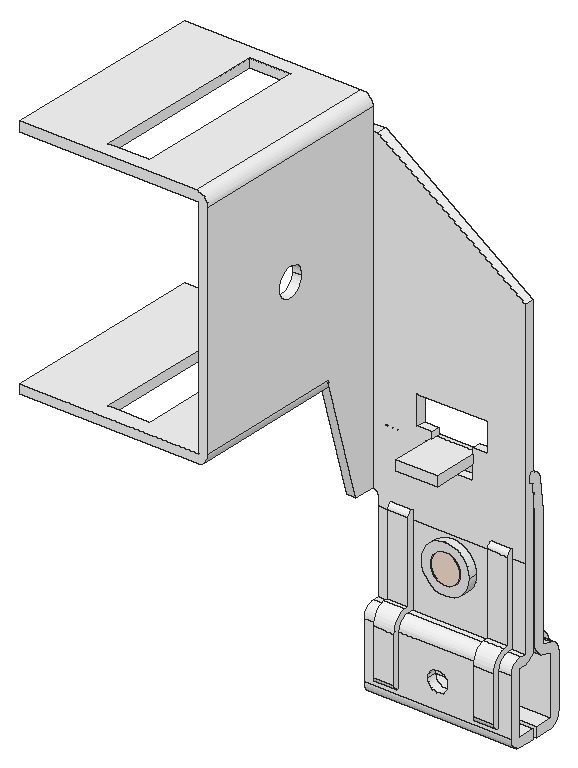
Revit family "CTハンガーH=38アキ右", category 機械設備, Revit 2020
Family settings
  丸型コネクタ寸法 = 直径を使用
  種別 = なし
  パーツ タイプ = 標準
  作業面ベース = いいえ
  常に垂直 = はい
  ロード時にボイドで切り取り = いいえ
  共有 = いいえ
  部屋計算ポイント = いいえ
Parameters
  製造元 = "株式会社桐井製作所"
  既定の高さ = 0 mm
  URL = "https://www.kirii.co.jp/"
  K_材質 = "溶融亜鉛めっき鋼板及び鋼帯 SGCC 一般用"
  K_品名 = "CTハンガーH＝38アキ右"
  K_名称 = "CTハンガー"
  K_入数 = "170"
  K_備考 = "対象Tバー：eT4025、eAT4025"
  K_バージョン情報 = "20220915"
  K_めっき付着量 = "Z12"
  K_JIS規格 = "JIS G 3302"
Reference planes
  plane 1 "中心(正面/背面)": y = 0
  plane 2: z = 0
  plane 3 "中心(左/右)": x = 0
Forms (mm)
  Extrusion 1, void
    sketch origin (0, 0.4, 0) x (1, 0, 0) y (0, 0, 1)
      loop
        line (-13.5, 14.356) -> (-15.1, 14.356) -> (-15.1, -15.644) -> (-12.5, -15.644) -> (-12.5, 13.356)
        arc (-12.5, 13.356) -> (-12.793, 14.063) -> (-13.5, 14.356) r 1
    from -4.2 to 5.8
  Extrusion 2, void
    sketch origin (0, -42.1, 50.967) x (1, 0, 0) y (0, 0, -1)
      loop
        line (-3.5, 25.623) -> (-3.5, 27.785) -> (-12.5, 27.785) -> (-12.5, 25.623) -> (-3.5, 25.623)
      loop
        line (12.5, 25.156) -> (12.5, 27.792) -> (3.5, 27.792) -> (3.5, 25.156) -> (12.5, 25.156)
    from 32.6 to 41.492
  Extrusion 3, void
    sketch origin (0, 1.2, 0.909) x (-1, 0, 0) y (0, 0, -1)
      loop
        circle (0, -6.373) r 2.5
    from -0.8 to 4.2
  Extrusion 4, solid, material "05吊り材"
    sketch origin (0, -1.2, 0) x (0, -1, 0) y (0, 0, 1)
      loop
        line (1.8, -3.544) -> (1.8, -14.044) -> (-1.2, -14.044) -> (-1.2, -15.644) -> (1.4, -15.644)
        arc (1.4, -15.644) -> (2.814, -15.058) -> (3.4, -13.644) r 2
        line (3.4, -13.644) -> (3.4, -3.944)
        arc (3.4, -3.944) -> (2.814, -2.53) -> (1.4, -1.944) r 2
        line (1.4, -1.944) -> (0.4, -1.944) -> (0.4, 11.856) -> (0.4, 68.759) -> (-1.2, 68.759) -> (-1.2, -1.544)
        arc (-1.2, -1.544) -> (-0.614, -2.958) -> (0.8, -3.544) r 2
        line (0.8, -3.544) -> (1.8, -3.544)
    from -12.5 to 15.1
  Extrusion 5, solid, material "05吊り材"
    sketch origin (16, -1.2, 0) x (0, -1, 0) y (0, 0, 1)
      loop
        arc (1.3, 12.456) -> (1.036, 13.093) -> (0.4, 13.356) r 0.9
        line (0.4, 13.356) -> (0.4, -1.944) -> (1.4, -1.944)
        arc (1.4, -1.944) -> (2.814, -2.53) -> (3.4, -3.944) r 2
        line (3.4, -3.944) -> (3.4, -12.644)
        arc (3.4, -12.644) -> (4.036, -12.38) -> (4.3, -11.744) r 0.9
        line (4.3, -11.744) -> (4.3, -3.944)
        arc (4.3, -3.944) -> (3.685, -2.14) -> (2.095, -1.087) r 2.953
        line (2.095, -1.087) -> (1.3, -1.087) -> (1.3, 12.456)
      loop
        line (-4, -1.245) -> (-5.318, -1.633)
        arc (-5.318, -1.633) -> (-6.822, -2.678) -> (-7.4, -4.415) r 2.9
        line (-7.4, -4.415) -> (-7.4, -11.844)
        arc (-7.4, -11.844) -> (-7.166, -12.409) -> (-6.6, -12.644) r 0.8
        line (-6.6, -12.644) -> (-6.6, -4.415)
        arc (-6.6, -4.415) -> (-6.181, -3.157) -> (-5.093, -2.4) r 2.1
        line (-5.093, -2.4) -> (-3.2, -1.844) -> (-3.2, 14.356)
        arc (-3.2, 14.356) -> (-3.766, 14.122) -> (-4, 13.556) r 0.8
        line (-4, 13.556) -> (-4, -1.245)
    from 5.75 to 9.25
  Extrusion 6, solid, material "05吊り材"
    sketch origin (0, -1.2, 0) x (0, -1, 0) y (0, 0, 1)
      loop
        line (-5, -4.041) -> (-3.107, -3.484)
        arc (-3.107, -3.484) -> (-2.019, -2.728) -> (-1.6, -1.47) r 2.1
        line (-1.6, -1.47) -> (-1.6, 18.356) -> (-1.1, 23.256)
        arc (-1.1, 23.256) -> (-0.954, 23.61) -> (-0.6, 23.756) r 0.5
        line (-0.6, 23.756) -> (7.9, 23.756) -> (7.9, 25.343) -> (-0.6, 25.343)
        arc (-0.6, 25.343) -> (-1.932, 24.867) -> (-2.659, 23.655) r 2.1
        line (-2.659, 23.655) -> (-3.2, 18.356) -> (-3.2, -1.844) -> (-5.093, -2.4)
        arc (-5.093, -2.4) -> (-6.181, -3.157) -> (-6.6, -4.415) r 2.1
        line (-6.6, -4.415) -> (-6.6, -13.544)
        arc (-6.6, -13.544) -> (-5.985, -15.029) -> (-4.5, -15.644) r 2.1
        line (-4.5, -15.644) -> (-2, -15.644) -> (-2, -14.044) -> (-5, -14.044) -> (-5, -4.041)
    from -12.5 to 12.5
  Extrusion 7, solid, material "05吊り材"
    sketch origin (-1, -1.2, 0) x (0, -1, 0) y (0, 0, 1)
      loop
        arc (1.3, 12.456) -> (1.036, 13.093) -> (0.4, 13.356) r 0.9
        line (0.4, 13.356) -> (0.4, -1.944) -> (1.4, -1.944)
        arc (1.4, -1.944) -> (2.814, -2.53) -> (3.4, -3.944) r 2
        line (3.4, -3.944) -> (3.4, -12.644)
        arc (3.4, -12.644) -> (4.036, -12.38) -> (4.3, -11.744) r 0.9
        line (4.3, -11.744) -> (4.3, -3.944)
        arc (4.3, -3.944) -> (3.685, -2.14) -> (2.095, -1.087) r 2.953
        line (2.095, -1.087) -> (1.3, -1.087) -> (1.3, 12.456)
      loop
        line (-4, -1.245) -> (-5.318, -1.633)
        arc (-5.318, -1.633) -> (-6.822, -2.678) -> (-7.4, -4.415) r 2.9
        line (-7.4, -4.415) -> (-7.4, -11.844)
        arc (-7.4, -11.844) -> (-7.166, -12.409) -> (-6.6, -12.644) r 0.8
        line (-6.6, -12.644) -> (-6.6, -4.415)
        arc (-6.6, -4.415) -> (-6.181, -3.157) -> (-5.093, -2.4) r 2.1
        line (-5.093, -2.4) -> (-3.2, -1.844) -> (-3.2, 14.356)
        arc (-3.2, 14.356) -> (-3.766, 14.122) -> (-4, 13.556) r 0.8
        line (-4, 13.556) -> (-4, -1.245)
    from 5.75 to 9.25
  Extrusion 8, solid, material "05吊り材"
    sketch origin (16, -1.2, 0) x (0, -1, 0) y (0, 0, 1)
      loop
        arc (1.3, 12.456) -> (1.036, 13.093) -> (0.4, 13.356) r 0.9
        line (0.4, 13.356) -> (0.4, -1.944) -> (1.4, -1.944)
        arc (1.4, -1.944) -> (2.814, -2.53) -> (3.4, -3.944) r 2
        line (3.4, -3.944) -> (3.4, -12.644)
        arc (3.4, -12.644) -> (4.036, -12.38) -> (4.3, -11.744) r 0.9
        line (4.3, -11.744) -> (4.3, -3.944)
        arc (4.3, -3.944) -> (3.685, -2.14) -> (2.095, -1.087) r 2.953
        line (2.095, -1.087) -> (1.3, -1.087) -> (1.3, 12.456)
      loop
        line (-4, -1.245) -> (-5.318, -1.633)
        arc (-5.318, -1.633) -> (-6.822, -2.678) -> (-7.4, -4.415) r 2.9
        line (-7.4, -4.415) -> (-7.4, -11.844)
        arc (-7.4, -11.844) -> (-7.166, -12.409) -> (-6.6, -12.644) r 0.8
        line (-6.6, -12.644) -> (-6.6, -4.415)
        arc (-6.6, -4.415) -> (-6.181, -3.157) -> (-5.093, -2.4) r 2.1
        line (-5.093, -2.4) -> (-3.2, -1.844) -> (-3.2, 14.356)
        arc (-3.2, 14.356) -> (-3.766, 14.122) -> (-4, 13.556) r 0.8
        line (-4, 13.556) -> (-4, -1.245)
    from 5.75 to 9.25
  Extrusion 9, solid, material "アルミニウム"
    sketch origin (0, -1.2, 0.846) x (-1, 0, 0) y (0, 0, 1)
      loop
        circle (0, 6.436) r 4.1
      loop
        circle (0, 6.436) r 2.499
    from -1.8 to 0
  Extrusion 10, solid, material "05吊り材"
    sketch origin (0, 0, 0) x (0, -1, 0) y (0, 0, -1)
      loop
        line (11.422, -35.956) -> (5.148, -14.356) -> (0, -14.356) -> (0, -35.956) -> (11.422, -35.956)
    from -15.1 to -13.5
  Extrusion 11, solid, material "05吊り材"
    sketch origin (0, -3.2, 17.9) x (1, 0, 0) y (0, 0, 1)
      loop
        line (-45.5, 56.456) -> (-45.5, 54.856) -> (-15.1, 54.856) -> (-15.1, 16.456) -> (-45.5, 16.456) -> (-45.5, 14.856) -> (-15.5, 14.856)
        arc (-15.5, 14.856) -> (-14.086, 15.442) -> (-13.5, 16.856) r 2
        line (-13.5, 16.856) -> (-13.5, 54.456)
        arc (-13.5, 54.456) -> (-14.086, 55.87) -> (-15.5, 56.456) r 2
        line (-15.5, 56.456) -> (-45.5, 56.456)
    from -1.6 to 33.4
  Extrusion 12, void
    sketch origin (0, -1.637, 17.9) x (0, 1, 0) y (0, 0, 1)
      loop
        circle (-17.5, 35.456) r 2.5
    from -15.1 to -13.5
  Extrusion 13, void
    sketch origin (0, -2.809, 17.9) x (1, 0, 0) y (0, 1, 0)
      loop
        line (-32.5, -1.3) -> (-32.5, -31.3) -> (-25.5, -31.3) -> (-25.5, -1.3) -> (-32.5, -1.3)
    from 54.856 to 56.456
  Extrusion 14, void
    sketch origin (0, -2.809, -22.1) x (1, 0, 0) y (0, 1, 0)
      loop
        line (-32.5, -1.267) -> (-32.5, -31.3) -> (-25.5, -31.3) -> (-25.5, -1.267) -> (-32.5, -1.267)
    from 54.856 to 56.456
  Extrusion 15, void
    sketch origin (0, -37, 0) x (-1, 0, 0) y (0, 0, -1)
      loop
        line (-6, -31.356) -> (6, -31.356) -> (6, -26.343) -> (3.5, -26.343) -> (3.5, -21.356) -> (-3.5, -21.356) -> (-3.5, -26.343) -> (-6, -26.343) -> (-6, -31.356)
    from -37 to -35
  Extrusion 16, void
    sketch origin (0, -38.6, 17.303) x (1, 0, 0) y (0, 0, -1)
      loop
        line (-12.638, -51.456) -> (12.5, -51.456) -> (12.5, -34.053) -> (-12.638, -51.456)
    from 36.6 to 38.6
  Extrusion 17, void
    sketch origin (0, 0, 0) x (1, 0, 0) y (0, 0, 1)
      loop
        circle (0, -9.144) r 1.75
    from 3 to 4.6
  Extrusion 18, void
    sketch origin (0, 8.4, 0) x (1, 0, 0) y (0, 0, 1)
      loop
        circle (0, -9.144) r 1.75
    from 3 to 4.6
Cuts and joins
  Extrusion 2, Extrusion 3, Extrusion 18 cuts Extrusion 6
  joined: Extrusion 5, Extrusion 6
  Extrusion 1, Extrusion 3, Extrusion 15, Extrusion 16, Extrusion 17, Extrusion 18 cuts Extrusion 4
  Extrusion 12, Extrusion 13, Extrusion 14 cuts Extrusion 11
  joined: Extrusion 4, Extrusion 7, Extrusion 8, Extrusion 10, Extrusion 11
Dimensions and locks
  aligned and locked: level to plane 2
Nested families
  nested 1: "直吊りハンガー用ビス" at (-0.011, 2, 7.249) x (-1, 0, 0) z (0, 0, 1), type "直吊りハンガー用ビス"
Definition of nested family "直吊りハンガー用ビス"
  Parameters (values of type "直吊りハンガー用ビス")
    Manufacturer = "株式会社桐井製作所"
    Default Elevation = 0 mm
    URL = "https://www.kirii.co.jp/"
    K_名称 = "M6×25ボルト"
  Reference planes
    plane 1 "中心(正面/背面)": y = 0
    plane 2: z = 0
    plane 3 "中心(左/右)": x = 0
    plane 4 "正面": y = -5
  Forms (mm)
    Extrusion 1, solid
      sketch origin (0, 0, 0.234) x (1, 0, 0) y (0, 0, 1)
        loop
          circle (-0.011, -0.2) r 2.5
      from 0 to -5
    Revolve 2, solid
      sketch origin (0, 0, 0) x (0, 1, 0) y (0, 0, 1)
        loop
          line (0, 0) -> (-2.299, 0) -> (-2.299, -1.966)
          arc (-2.299, -1.966) -> (-1.904, -2.921) -> (-0.949, -3.316) r 1.35
          line (-0.949, -3.316) -> (0, -3.316) -> (0, 0)
        axis (0, 0) -> (-2.299, 0)
      angle from 0 to 360
  Cuts and joins
    joined: Extrusion 1, Revolve 2
  Dimensions and locks
    aligned and locked: level to plane 2
